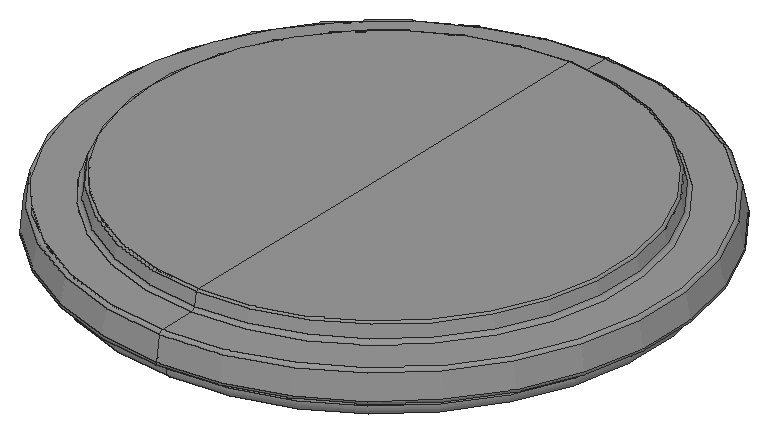
Revit family "FMK13_63_UN_Surface-mounted_ETK", category Lighting Fixtures, Revit 2017 (continued)
Definition of nested family "FMK.1 - Lightsource"
  Types (13, lengths in mm): name | Wattage Comments | Photometric Web File | built-in parameter 1150142 | Apparent Load
      5.4487\r\n276.7221\t257.9909\t237.4332\t217.2268\t197.2976\t177.8843\t157.7872\t138.6506\t119.9505\t100.9249\r\n82.987\t66.0677\t14.47\t0\t0\t0\r\n604.9325\t604.5584\t603.0879\t601.1508\t598.5185\t594.9186\t590.6391\t585.3751\t579.3165\t572.4837\r\n564.9469\t556.5987\t547.5194\t537.685\t527.3395\t516.7057\t504.9047\t492.1707\t478.1271\t463.8484\r\n448.9665\t433.7524\t417.9986\t401.8529\t385.1715\t368.3446\t351.4028\t333.147\t313.7228\t294.4856\r\n275.2731\t256.1445\t237.316\t216.8492\t196.4747\t176.5442\t157.2377\t137.5478\t118.9004\t100.3985\r\n82.3134\t65.4455\t55.1323\t0\t0\t0\r\n604.9325\t604.5433\t603.3225\t601.1064\t598.4354\t594.7731\t590.3173\t585.098\t579.0797\t572.1766\r\n564.6071\t556.1859\t547.081\t537.2398\t526.6482\t515.4957\t503.7296\t491.745\t478.4953\t464.4776\r\n448.9829\t433.6134\t417.6598\t401.2469\t384.1387\t366.9918\t349.3881\t331.6485\t313.6629\t294.2241\r\n274.5265\t254.9012\t235.3516\t216.0467\t196.5265\t175.8547\t156.0522\t137.0014\t117.7749\t99.6932\r\n81.7729\t64.8345\t49.3378\t0\t0\t0\r\n604.9325\t604.5271\t603.3032\t601.0701\t598.3654\t594.6491\t590.1215\t584.7542\t578.8145\t571.898\r\n564.2988\t555.7883\t546.6569\t536.7664\t526.1773\t514.9361\t502.9375\t490.4265\t477.2784\t464.0283\r\n449.3533\t434.0958\t417.8096\t401.016\t383.7266\t366.2957\t348.4007\t330.2839\t311.8195\t293.1788\r\n274.555\t254.527\t234.348\t214.5879\t194.928\t175.8985\t155.5638\t135.8975\t117.155\t98.5499\r\n81.2595\t64.2084\t48.8598\t7.0657\t0\t0\r\n604.9325\t604.5096\t603.2784\t601.0424\t598.3097\t594.5477\t589.9606\t584.5414\t578.4482\t571.608\r\n563.9594\t555.3996\t546.2593\t536.3041\t525.6497\t514.3962\t502.4141\t489.7664\t476.4029\t462.5786\r\n448.0398\t433.0915\t418.0577\t401.3922\t384.1366\t366.1992\t348.0979\t329.6668\t310.9131\t291.9004\r\n272.744\t253.4824\t234.1877\t214.0316\t193.775\t173.9598\t154.8443\t135.6589\t116.2289\t97.8298\r\n80.0295\t63.4921\t48.2305\t34.936\t0\t0\r\n604.9325\t604.4906\t603.2478\t601.2803\t598.2688\t594.4695\t589.8358\t584.3814\t578.2247\t571.2493\r\n563.5271\t555.0451\t545.8679\t535.8603\t525.1757\t513.8836\t501.871\t489.1433\t475.8417\t461.8368\r\n447.2679\t432.0274\t416.5009\t400.0073\t383.2616\t366.3726\t348.5214\t330.0774\t310.8253\t291.5128\r\n272.035\t252.2821\t232.6407\t212.8798\t193.2781\t173.4395\t153.4804\t134.3364\t116.0668\t97.2\r\n79.2416\t62.4646\t47.4631\t33.5133\t0\t0\r\n604.9325\t604.4703\t603.2116\t601.2411\t598.5166\t594.4157\t589.7477\t584.274\t578.0648\t571.0564\r\n563.2525\t554.6583\t545.4211\t535.3541\t524.7361\t513.4205\t501.3551\t488.6147\t475.2745\t461.193\r\n446.5744\t431.3412\t415.6511\t399.1668\t382.278\t364.8935\t347.109\t328.9881\t310.4447\t291.7072\r\n272.4757\t252.2606\t232.2751\t212.1161\t191.9979\t172.222\t152.6751\t133.6736\t114.4712\t96.2985\r\n79.2\t61.7213\t46.3352\t30.5861\t2.7832\t0\r\n604.9325\t604.4487\t603.1693\t601.1876\t598.4603\t594.6385\t589.9678\t584.5139\t577.9711\t570.9456\r\n563.0797\t554.4745\t545.1762\t535.0443\t524.3111\t512.96\t500.8221\t488.1002\t474.7163\t460.6519\r\n445.9947\t430.7439\t414.9606\t398.5261\t381.5143\t364.1378\t346.2393\t328.0457\t309.3298\t290.2564\r\n271.0121\t251.3312\t231.6882\t211.9743\t192.2844\t172.4111\t152.2798\t132.702\t113.7176\t95.3929\r\n77.7571\t61.1156\t45.5789\t26.7123\t15.0206\t0\r\n604.9325\t604.4257\t603.1214\t601.1197\t598.376\t594.5431\t589.8686\t584.4373\t578.1813\t571.1696\r\n563.2668\t554.6915\t545.3505\t535.1843\t524.1648\t512.8008\t500.5868\t487.89\t474.4515\t460.278\r\n445.5862\t430.3323\t414.5182\t397.9934\t380.8221\t363.4557\t345.5267\t327.2817\t308.5319\t289.4587\r\n270.127\t250.3982\t230.6065\t210.7975\t190.5506\t170.8379\t151.2851\t132.0397\t113.3713\t95.4283\r\n77.5355\t60.4175\t45.5245\t22.783\t11.8877\t0\r\n604.9325\t604.4014\t603.0678\t601.0376\t598.264\t594.4044\t589.7068\t584.2658\t577.9867\t570.9757\r\n563.0442\t554.4872\t545.1275\t534.9651\t524.2246\t512.882\t500.6187\t487.9897\t474.5344\t460.3474\r\n445.6646\t430.439\t414.623\t398.0399\t380.7488\t363.3986\t345.4701\t327.1757\t308.3973\t289.2412\r\n269.9199\t250.2091\t230.3921\t210.5042\t190.5692\t170.6931\t151.1594\t131.7673\t112.9299\t94.5881\r\n76.9076\t60.112\t45.0279\t27.0286\t9.6311\t7.6483\r\n604.9325\t604.3759\t603.0084\t600.9412\t598.124\t594.2226\t589.4823\t583.9989\t577.6703\t570.6249\r\n562.6312\t554.0383\t544.615\t534.4128\t523.3303\t511.8827\t499.6032\t486.8945\t473.379\t459.1716\r\n444.447\t429.1313\t413.2983\t396.6863\t379.4714\t362.0792\t344.0455\t325.7707\t306.8732\t287.9397\r\n268.4905\t248.7792\t228.9235\t208.976\t188.8762\t169.0915\t149.5412\t130.307\t111.7095\t93.7095\r\n75.8594\t58.8926\t44.026\t24.9142\t12.7626\t0\r\n604.9325\t604.3491\t602.9434\t600.8307\t597.9567\t593.9983\t589.1954\t583.6374\t576.9499\t569.8568\r\n561.8084\t553.1696\t543.7065\t533.5014\t522.6434\t511.1217\t498.8636\t486.1079\t472.5802\t458.4416\r\n443.7228\t428.3584\t412.519\t395.9142\t378.8014\t361.382\t343.2832\t325.0317\t306.0946\t287.1683\r\n267.7345\t248.067\t228.3349\t208.5719\t188.922\t168.9512\t148.8897\t129.3596\t110.4457\t92.1897\r\n74.6666\t58.1911\t43.6041\t25.4889\t14.7118\t0\r\n604.9325\t604.321\t602.8732\t600.7066\t597.7625\t593.4555\t588.5912\t582.9617\t576.5349\t569.4237\r\n561.3509\t552.699\t543.2196\t533.0344\t522.242\t510.6583\t498.432\t485.6232\t472.085\t457.8674\r\n443.1238\t427.7399\t411.9617\t395.2552\t378.1904\t360.685\t342.6792\t324.4805\t305.7442\t286.9867\r\n267.5493\t247.3236\t227.2422\t207.0117\t186.8984\t167.1289\t147.607\t128.6542\t109.6219\t91.5686\r\n74.5654\t57.4716\t43.021\t27.7846\t2.5248\t0\r\n604.9325\t604.2919\t602.7977\t600.5691\t597.2642\t593.1928\t588.2942\t582.6298\t576.1886\t569.0731\r\n561.0018\t552.4381\t542.9442\t532.7591\t521.8457\t510.2154\t497.9723\t485.1383\t471.6045\t457.3841\r\n442.6041\t427.217\t411.5012\t394.7803\t377.8035\t360.7021\t342.6902\t324.0667\t304.5578\t285.154\r\n265.5148\t245.6447\t225.9156\t206.0001\t186.3854\t166.628\t146.7681\t127.7474\t109.5852\t91.0031\r\n73.2615\t56.8556\t42.3856\t28.9154\t0\t0\r\n604.9325\t604.2617\t602.7174\t600.1575\t597.0585\t592.9572\t588.0346\t582.3501\t575.91\t568.8992\r\n560.8225\t552.1243\t542.5982\t532.4005\t521.4708\t509.8288\t497.5519\t484.7125\t471.1209\t456.9536\r\n442.2012\t427.0651\t411.7943\t394.8578\t377.2968\t359.0608\t340.7356\t322.097\t303.0689\t283.9286\r\n264.5951\t245.1465\t225.7535\t205.5061\t185.2214\t165.5278\t146.4993\t127.474\t108.2339\t90.109\r\n72.5842\t56.4938\t42.1707\t29.3631\t0\t0\r\n604.9325\t604.2306\t602.6322\t600.0115\t596.8707\t592.7484\t587.812\t582.1232\t575.7826\t568.6374\r\n560.5537\t551.8047\t542.2444\t532.0161\t521.1001\t509.4521\t497.1336\t484.3221\t470.9094\t457.2702\r\n442.3573\t426.8157\t410.175\t393.076\t375.4255\t357.6573\t339.5612\t321.1252\t302.4491\t283.5515\r\n264.6943\t244.5977\t224.3093\t204.516\t184.8175\t165.8131\t145.6325\t126.1903\t107.6436\t89.3056\r\n72.2152\t56.2192\t41.802\t5.8477\t0\t0\r\n604.9325\t604.1984\t602.5428\t599.8759\t596.7009\t592.5661\t587.6259\t582.0288\t575.5588\t568.3431\r\n560.3078\t551.4936\t541.918\t531.6799\t520.6784\t509.0807\t497.0071\t484.619\t471.0275\t456.5955\r\n440.7773\t424.9147\t408.6153\t391.9435\t374.3648\t356.8729\t339.0738\t320.888\t302.7006\t282.9652\r\n263.1976\t243.4392\t223.6803\t204.304\t184.8139\t164.2859\t144.6019\t125.6638\t106.7368\t88.9169\r\n71.7798\t55.8455\t41.2336\t0\t0\t0\r\n604.9325\t604.1654\t602.1984\t599.751\t596.5492\t592.4098\t587.5663\t581.8713\t575.3548\t568.0817\r\n560.0442\t551.1829\t541.6018\t531.3184\t520.4884\t509.3827\t497.2815\t484.0025\t469.5392\t454.8807\r\n439.5116\t423.7455\t407.6028\t391.162\t373.9279\t356.7322\t339.4153\t320.7873\t301.2671\t281.7589\r\n262.378\t243.017\t224.0712\t203.4907\t183.2079\t163.3375\t144.1874\t124.7147\t106.2756\t88.4044\r\n71.2995\t55.37\t44.7197\t0\t0\t0\r\n604.9325\t604.1317\t602.1129\t599.6372\t596.4157\t592.3859\t587.3951\t581.6922\t575.1349\t567.8233\r\n559.7735\t550.7814\t541.2689\t531.1872\t520.8219\t509.1315\t496.4226\t482.3474\t468.3274\t453.7764\r\n438.603\t423.039\t407.124\t390.762\t374.0304\t356.955\t338.1426\t319.2702\t300.2728\t281.2389\r\n262.2388\t243.2836\t222.6194\t202.306\t182.3924\t163.035\t143.1366\t124.1994\t105.8336\t87.7967\r\n70.7723\t54.7046\t11.5599\t0\t0\t0\r\n604.9325\t604.0975\t602.033\t599.5342\t596.3004\t592.2404\t587.2388\t581.5154\t574.9143\t567.569\r\n559.3901\t550.5552\t541.2123\t531.4748\t520.4156\t507.8107\t494.859\t481.3089\t467.3975\t452.9318\r\n438.0372\t422.7691\t407.025\t391.0991\t373.8573\t355.346\t337.0135\t318.5296\t299.8812\t281.2909\r\n262.3027\t241.7297\t221.4854\t201.617\t182.1371\t161.9674\t142.593\t123.9131\t105.1305\t87.2021\r\n70.1622\t53.9551\t0\t0\t0\t0\r\n604.9325\t604.0626\t601.9588\t599.4427\t596.3201\t592.1193\t587.0871\t581.3395\t574.6941\t567.3193\r\n559.1974\t550.477\t541.5473\t530.9977\t519.0905\t506.765\t493.8707\t480.5702\t466.7289\t452.4544\r\n437.8106\t422.7648\t407.3444\t389.987\t372.3299\t354.4291\t336.4151\t318.2804\t300.3326\t281.1384\r\n260.7211\t240.7052\t221.0093\t201.4727\t181.0539\t161.3248\t142.3279\t123.1598\t104.4957\t86.6464\r\n69.558\t57.7051\t0\t0\t0\t0\r\n604.9325\t604.0272\t601.8904\t599.3882\t596.237\t592.0006\t586.9406\t581.1632\t574.4747\t566.9997\r\n559.073\t550.8158\t541.1454\t529.7416\t518.149\t505.9054\t493.157\t480.018\t466.3384\t452.3643\r\n437.9112\t422.9979\t406.1187\t388.9214\t371.496\t353.9348\t336.2188\t318.724\t299.4663\t279.56\r\n259.8369\t240.2784\t220.9329\t200.4813\t180.3908\t160.9421\t141.6885\t122.4909\t103.9808\t86.1452\r\n68.9426\t35.5201\t0\t0\t0\t0\r\n604.9325\t603.9917\t601.8278\t599.3206\t596.1556\t591.8844\t586.7978\t580.9865\t574.1458\t566.8553\r\n559.4036\t550.5172\t539.9315\t528.8512\t517.367\t505.2617\t492.6816\t479.6991\t466.2194\t452.4751\r\n438.05\t421.6244\t405.0853\t388.1373\t371.032\t353.8353\t336.757\t317.784\t298.2127\t278.7079\r\n259.3309\t240.3321\t219.939\t199.6844\t179.9696\t160.7126\t140.9902\t121.943\t103.488\t85.6436\r\n68.3574\t0\t0\t0\t0\t0\r\n604.9325\t603.9559\t601.7714\t599.2628\t596.0752\t591.771\t586.6658\t580.8024\t573.989\t566.7804\r\n559.2504\t549.8741\t539.0878\t528.1304\t516.7365\t504.7959\t492.3897\t479.5813\t466.3433\t452.6497\r\n436.8272\t420.6891\t404.3399\t387.7338\t370.9749\t354.3891\t335.8421\t316.6009\t297.4159\t278.2527\r\n259.3978\t239.328\t219.0886\t199.1929\t179.808\t159.923\t140.4269\t121.457\t103.048\t85.1848\r\n73.7131\t0\t0\t0\t0\t0\r\n604.9325\t603.6792\t601.7517\t599.3411\t595.9954\t591.6566\t586.5673\t580.5284\t573.8931\t567.1365\r\n558.8682\t548.733\t538.4005\t527.5784\t516.2664\t504.4955\t492.3035\t479.6753\t466.706\t451.4882\r\n436.0948\t420.0364\t403.9109\t387.6235\t371.4864\t353.8754\t334.7111\t315.7739\t296.8941\t278.1566\r\n258.9491\t238.4036\t218.4493\t198.8345\t179.1952\t159.3202\t139.916\t121.0317\t102.6407\t84.7143\r\n55.9271\t0\t0\t0\t0\t0\r\n604.9325\t603.6444\t601.7066\t599.2965\t595.915\t591.5536\t586.4411\t580.3913\t573.8543\t566.9618\r\n558.2996\t548.0726\t537.8747\t527.1113\t515.9263\t504.3672\t492.3683\t480.1405\t465.7028\t450.6329\r\n435.3552\t419.8082\t403.764\t387.8078\t371.2229\t352.4897\t333.8151\t315.2532\t296.7183\t278.1081\r\n257.8104\t237.7622\t218.0438\t198.6801\t178.511\t158.7677\t139.4922\t120.6463\t102.238\t84.2517\r\n9.0057\t0\t0\t0\t0\t0\r\n604.9325\t603.6112\t601.6661\t599.2512\t595.8331\t591.4531\t586.3125\t580.2933\t574.2613\t566.6412\r\n557.2567\t547.549\t537.3916\t526.7388\t515.7334\t504.3886\t492.9019\t479.7342\t464.8479\t450.0077\r\n434.9476\t419.8855\t404.0538\t388.151\t369.9169\t351.5873\t333.3553\t314.9504\t296.9003\t276.9796\r\n257.0176\t237.3436\t217.8318\t197.9694\t177.9387\t158.3111\t139.083\t120.2864\t101.8575\t92.1859\r\n0\t0\t0\t0\t0\t0\r\n604.9325\t603.5799\t601.6303\t599.2045\t595.7076\t591.3592\t586.075\t580.2215\t574.1924\t566.1884\r\n556.6737\t547.074\t536.9561\t526.5217\t515.6669\t504.5312\t492.7859\t478.611\t464.16\t449.5853\r\n434.7567\t419.7662\t405.0918\t387.0371\t369.0209\t351.0423\t333.0336\t315.092\t295.9783\t276.1604\r\n256.4894\t237.0057\t217.711\t197.3492\t177.4313\t157.8872\t138.7311\t119.935\t101.4702\t81.0181\r\n0\t0\t0\t0\t0\t0\r\n604.9325\t603.5503\t601.5987\t599.1561\t595.626\t591.2727\t585.9368\t580.2006\t574.0102\t565.255\r\n556.1655\t546.6769\t536.6806\t526.4567\t515.7097\t505.0175\t491.8244\t477.8494\t463.7019\t449.2876\r\n434.7564\t420.4081\t404.4637\t386.432\t368.4467\t350.6538\t332.9546\t315.1229\t295.2701\t275.5419\r\n256.1209\t237.0123\t216.9386\t196.7955\t177.0266\t157.531\t138.3961\t119.5772\t101.0781\t55.7879\r\n0\t0\t0\t0\t0\t0\r\n604.9325\t603.5226\t601.5713\t599.1055\t595.5514\t591.1944\t585.8477\t580.6059\t573.7272\t564.7673\r\n555.7208\t546.3592\t536.5629\t526.4185\t515.8861\t504.7419\t491.1491\t477.3368\t463.4233\t449.1905\r\n434.8749\t420.3926\t403.0738\t385.7604\t368.1941\t350.5999\t333.2448\t314.0673\t294.5401\t275.2079\r\n255.9181\t236.731\t216.3242\t196.3167\t176.6088\t157.1902\t138.0919\t119.2663\t100.7128\t7.9096\r\n0\t0\t0\t0\t0\t0\r\n604.9325\t603.5024\t601.5477\t599.0027\t595.4844\t591.1564\t585.7889\t580.586\t573.3397\t564.3588\r\n555.3625\t546.1066\t536.4848\t526.4232\t516.46\t503.7313\t490.508\t476.9971\t463.1504\t449.3158\r\n435.4961\t419.3363\t402.3059\t385.1301\t368.0536\t350.6767\t333.0603\t313.3187\t294.0528\t274.8627\r\n256.0518\t236.014\t215.808\t195.9092\t176.2577\t156.8869\t137.7744\t118.924\t107.573\t0\r\n0\t0\t0\t0\t0\t0\r\n604.9325\t603.478\t601.5279\t598.9535\t595.4258\t591.0829\t585.7607\t580.4663\t572.4844\t563.9941\r\n555.0829\t545.9216\t536.4706\t526.6157\t516.2842\t503.1403\t489.9858\t476.7762\t463.1632\t449.3988\r\n435.4082\t418.4666\t401.6939\t384.809\t367.7873\t351.0202\t332.0189\t312.8252\t293.7031\t274.7409\r\n255.7909\t235.4313\t215.3913\t195.5619\t175.9593\t156.6095\t137.5086\t118.6259\t93.5654\t0\r\n0\t0\t0\t0\t0\t0\r\n604.9325\t603.4551\t601.5115\t598.9106\t595.3758\t590.8939\t585.7709\t580.2702\t572.0798\t563.6729\r\n554.8743\t545.7915\t536.5093\t527.239\t515.7758\t502.6755\t489.6308\t476.5517\t463.3214\t450.0742\r\n434.4062\t417.8556\t401.204\t384.5694\t367.8901\t350.6145\t331.3568\t312.4071\t293.4519\t274.8857\r\n255.1354\t234.9506\t214.9788\t195.2372\t175.7164\t156.3939\t137.2684\t118.3542\t70.2991\t0\r\n0\t0\t0\t0\t0\t0\r\n604.9325\t603.4339\t601.4981\t598.8743\t595.3693\t590.8219\t585.8012\t579.9783\t571.7294\t563.3978\r\n554.7414\t545.7491\t536.5989\t527.245\t514.8542\t502.254\t489.435\t476.4383\t463.4252\t450.1235\r\n433.6687\t417.3734\t400.9511\t384.4656\t368.2234\t349.7336\t330.8127\t312.0244\t293.3418\t274.7228\r\n254.5352\t234.5186\t214.663\t194.959\t175.4554\t156.1442\t137.0471\t118.1035\t19.0545\t0\r\n0\t0\t0\t0\t0\t0\r\n604.9325\t603.4142\t601.6163\t598.8454\t595.3189\t590.7169\t586.228\t579.6856\t571.4422\t563.1606\r\n554.6359\t545.7802\t536.7262\t527.004\t514.4202\t501.893\t489.3259\t476.5043\t463.9917\t449.6199\r\n433.2001\t416.9985\t400.7919\t384.5465\t367.964\t349.0736\t330.4515\t311.843\t293.2609\t274.3654\r\n254.0721\t234.1043\t214.3191\t194.7189\t175.2644\t155.9641\t136.8284\t127.44\t0.8256\t0\r\n0\t0\t0\t0\t0\t0\r\n604.9325\t603.3959\t601.5958\t598.824\t595.2654\t590.6658\t586.2393\t578.987\t571.1614\t562.9789\r\n554.5537\t545.8944\t537.3116\t526.1436\t514.0547\t501.6983\t489.2117\t476.6618\t464.074\t448.5062\r\n432.723\t416.8038\t400.7754\t385.0445\t367.1413\t348.6211\t330.0914\t311.6944\t293.5155\t273.6725\r\n253.6465\t233.79\t214.0612\t194.4807\t175.0633\t155.7882\t136.6493\t117.5353\t0\t0\r\n0\t0\t0\t0\t0\t0\r\n604.9325\t603.3793\t601.5872\t598.8105\t595.2101\t590.6325\t586.182\t578.7254\t570.875\t562.8655\r\n554.5217\t546.0169\t537.3617\t525.6545\t513.7252\t501.581\t489.2289\t476.8143\t463.9001\t448.0007\r\n432.3179\t416.6176\t400.8204\t385.0398\t366.6709\t348.2612\t329.9337\t311.6354\t293.3024\t273.2371\r\n253.3363\t233.5297\t213.8389\t194.3095\t174.9111\t155.6259\t136.4696\t101.5487\t0\t0\r\n0\t0\t0\t0\t0\t0\r\n604.9325\t603.3641\t601.5801\t598.8331\t595.1315\t590.6137\t586.0804\t578.487\t570.6665\t562.7608\r\n554.5332\t546.1336\t537.3181\t525.3185\t513.4082\t501.4893\t489.3584\t477.4559\t463.01\t447.6105\r\n432.0987\t416.5061\t400.931\t384.7262\t366.2377\t348.0214\t329.8202\t311.6817\t293.0359\t272.855\r\n252.9846\t233.2859\t213.6869\t194.1907\t174.796\t155.5142\t136.3398\t80.7347\t0\t0\r\n0\t0\t0\t0\t0\t0\r\n604.9325\t603.3502\t601.5746\t598.8264\t595.0882\t590.6008\t585.9286\t578.3051\t570.5246\t562.6362\r\n554.6075\t546.3098\t537.0792\t525.0613\t513.2531\t501.3561\t489.4926\t477.5967\t462.5345\t447.256\r\n431.9436\t416.5695\t401.424\t383.9417\t365.8692\t347.8299\t329.7853\t311.9692\t292.3903\t272.5405\r\n252.7811\t233.1154\t213.5333\t194.0453\t174.6839\t155.431\t150.2586\t29.2061\t0\t0\r\n0\t0\t0\t0\t0\t0\r\n604.9325\t603.3378\t601.5706\t598.8203\t595.055\t590.6078\t585.7655\t578.1122\t570.4127\t562.5739\r\n554.6736\t546.923\t536.3276\t524.8226\t513.1645\t501.4036\t489.5432\t477.5045\t462.1937\t447.0308\r\n431.8282\t416.622\t401.4545\t383.5728\t365.6095\t347.6741\t329.7802\t311.9534\t292.0872\t272.2819\r\n252.5716\t232.9639\t213.4378\t193.9889\t174.6452\t155.374\t147.8321\t12.1507\t0\t0\r\n0\t0\t0\t0\t0\t0\r\n604.9325\t603.3266\t601.5681\t598.8152\t594.9133\t590.6359\t585.5832\t577.9208\t570.3524\t562.5734\r\n554.7119\t547.0357\t536.0482\t524.6097\t513.0999\t501.5025\t489.8006\t477.1124\t461.8898\t446.8692\r\n431.8333\t416.768\t401.2684\t383.2146\t365.4085\t347.6008\t329.8404\t311.7539\t291.7771\t272.086\r\n252.4588\t232.8794\t213.3666\t193.9448\t174.6141\t155.3429\t141.4974\t0\t0\t0\r\n0\t0\t0\t0\t0\t0\r\n604.9325\t603.3169\t601.5671\t598.8117\t594.8818\t591.1273\t585.3598\t577.7232\t570.2807\t562.5989\r\n554.8126\t547.0015\t535.83\t524.465\t513.0578\t501.589\t490.423\t476.4322\t461.5541\t446.7712\r\n431.8675\t416.9077\t401.0268\t382.9673\t365.2569\t347.5825\t330.1779\t311.2051\t291.528\t271.9059\r\n252.3343\t232.8122\t213.3482\t193.9567\t174.6259\t155.3412\t132.138\t0\t0\t0\r\n0\t0\t0\t0\t0\t0\r\n604.9325\t603.3083\t601.5674\t598.8104\t594.8673\t591.1701\t585.2094\t577.5682\t570.1843\t562.6627\r\n554.9593\t546.9296\t535.6142\t524.3936\t513.0698\t501.7034\t490.4952\t476.125\t461.4413\t446.6766\r\n431.941\t417.4522\t400.3522\t382.7423\t365.1753\t347.6066\t330.2627\t310.9633\t291.3402\t271.7576\r\n252.2371\t232.7679\t213.3529\t193.98
      05\t174.655\t155.392\t120.5846\t0\t0\t0\r\n0\t0\t0\t0\t0\t0\r\n604.9325\t603.301\t601.5729\t598.8117\t594.8652\t591.1802\t584.7817\t577.4234\t570.115\t562.6941\r\n555.1334\t546.8455\t535.414\t524.311\t513.1192\t501.8585\t490.4872\t475.8803\t461.3033\t446.6903\r\n432.0433\t417.4984\t400.1431\t382.6494\t365.1539\t347.6827\t330.3082\t310.7545\t291.1843\t271.6838\r\n252.2118\t232.7765\t213.3615\t194.0134\t174.7039\t155.4623\t107.4685\t0\t0\t0\r\n0\t0\t0\t0\t0\t0\r\n604.9325\t603.295\t601.5758\t598.815\t594.8775\t591.0866\t584.6864\t577.3564\t570.0567\t562.6969\r\n555.2743\t546.7564\t535.2798\t524.2414\t513.1816\t502.0442\t490.4343\t475.6998\t461.2244\t446.7248\r\n432.2027\t417.4698\t399.9233\t382.5455\t365.1657\t347.7926\t330.2732\t310.6261\t291.1251\t271.6527\r\n252.2115\t232.7878\t213.4222\t194.097\t174.8049\t155.5703\t93.4481\t0\t0\t0\r\n0\t0\t0\t0\t0\t0\r\n604.9325\t603.2899\t601.5794\t598.8194\t594.9418\t591.0742\t584.5693\t577.3871\t570.0555\t562.7489\r\n555.8198\t546.1678\t535.2586\t524.2031\t513.1736\t502.2212\t490.3579\t475.5739\t461.1807\t446.7922\r\n432.3827\t417.4173\t399.8059\t382.4972\t365.1975\t347.9267\t330.2362\t310.5297\t291.061\t271.6314\r\n252.2371\t232.8693\t213.5311\t194.2179\t174.9328\t171.7185\t45.2984\t0\t0\t0\r\n0\t0\t0\t0\t0\t0\r\n604.9325\t603.2861\t601.584\t598.8252\t594.9753\t591.0943\t584.3698\t577.3456\t570.1357\t562.8374\r\n555.948\t545.9919\t535.157\t524.3236\t513.3771\t502.7104\t490.0954\t475.5009\t461.2002\t446.861\r\n432.5413\t417.3169\t399.7448\t382.5143\t365.2808\t348.0578\t330.1391\t310.4433\t291.0463\t271.6788\r\n252.3192\t232.9808\t213.6587\t194.3487\t175.0684\t171.0217\t33.648\t0\t0\t0\r\n0\t0\t0\t0\t0\t0\r\n604.9325\t603.2625\t601.5896\t598.827\t595.0037\t591.2214\t584.3024\t577.2119\t570.1593\t562.9763\r\n556.0681\t545.9132\t535.0971\t524.2744\t513.5068\t503.075\t489.7052\t475.3925\t461.1855\t446.9933\r\n433.1038\t416.8265\t399.6833\t382.546\t365.4094\t348.5442\t329.827\t310.4438\t291.082\t271.7317\r\n252.4056\t233.1016\t213.7987\t194.5299\t175.2683\t169.3777\t24.3324\t0\t0\t0\r\n0\t0\t0\t0\t0\t0\r\n604.9325\t603.2615\t601.596\t598.8352\t595.0251\t591.2699\t584.3706\t577.1939\t570.0969\t563.0553\r\n556.1891\t545.8881\t535.1035\t524.3192\t513.5269\t503.0774\t489.5826\t475.518\t461.3551\t447.1746\r\n433.3333\t416.8315\t399.7183\t382.6093\t365.5275\t348.6962\t329.8198\t310.5032\t291.1764\t271.8584\r\n252.5502\t233.251\t213.9726\t194.7088\t175.459\t167.1137\t16.9707\t0\t0\t0\r\n0\t0\t0\t0\t0\t0\r\n604.9325\t603.2622\t601.6031\t598.8456\t595.0171\t591.2942\t584.3901\t577.314\t570.1518\t563.0717\r\n556.2009\t545.8527\t535.1549\t524.4332\t513.666\t503.1656\t489.5138\t475.4802\t461.4303\t447.3598\r\n433.5291\t416.847\t399.79\t382.7498\t365.7146\t348.8482\t329.8385\t310.5403\t291.2523\t271.9627\r\n252.7004\t233.4355\t214.176\t194.9373\t175.6974\t164.6684\t11.2593\t0\t0\t0\r\n0\t0\t0\t0\t0\t0\r\n604.9325\t603.2646\t601.6112\t598.8588\t595.0338\t591.2612\t584.3879\t577.3718\t570.3272\t563.2615\r\n556.2852\t545.793\t535.1346\t524.4705\t513.8326\t503.3305\t489.5538\t475.5472\t461.5574\t447.5699\r\n433.7714\t416.9852\t399.9416\t382.9159\t365.8972\t349.0221\t329.9274\t310.6684\t291.4172\t272.1539\r\n252.9058\t233.6517\t214.4029\t195.1719\t175.9351\t162.3065\t6.9335\t0\t0\t0\r\n0\t0\t0\t0\t0\t0\r\n604.9325\t603.2688\t601.6042\t598.8743\t595.0554\t591.2658\t584.3391\t577.3615\t570.4032\t563.3975\r\n556.467\t545.8941\t535.2238\t524.5394\t513.8971\t503.3683\t489.5458\t475.6066\t461.6554\t447.69\r\n433.8362\t416.9968\t400.0429\t383.0747\t366.1055\t349.2307\t330.0787\t310.8325\t291.5897\t272.3493\r\n253.125\t233.8923\t214.6626\t195.4409\t176.2297\t160.3062\t3.7832\t0\t0\t0\r\n0\t0\t0\t0\t0\t0\r\n604.9325\t603.2748\t601.6166\t598.8882\t595.0815\t591.2814\t584.3409\t577.3783\t570.4122\t563.4421\r\n556.5094\t545.9312\t535.3131\t524.6743\t514.0286\t503.4308\t489.5819\t475.67\t461.7554\t447.8511\r\n433.9937\t417.1143\t400.1816\t383.2592\t366.3259\t349.4303\t330.2479\t311.0259\t291.8055\t272.5971\r\n253.3801\t234.165\t214.9533\t195.7439\t176.5349\t158.8426\t1.6454\t0\t0\t0\r\n0\t0\t0\t0\t0\t0\r\n604.9325\t603.2825\t601.6324\t598.9104\t595.1185\t591.3218\t584.3739\t577.421\t570.4627\t563.5141\r\n556.5711\t545.9833\t535.3841\t524.7961\t514.1941\t503.6029\t489.7421\t475.8564\t461.9698\t448.0952\r\n434.2193\t417.3134\t400.3992\t383.4817\t366.5691\t349.6572\t330.4638\t311.261\t292.0591\t272.8589\r\n253.658\t234.4578\t215.2712\t196.0725\t176.8744\t158.063\t0.4063\t0\t0\t0\r\n0\t0\t0\t0\t0\t0" | 18 VA
